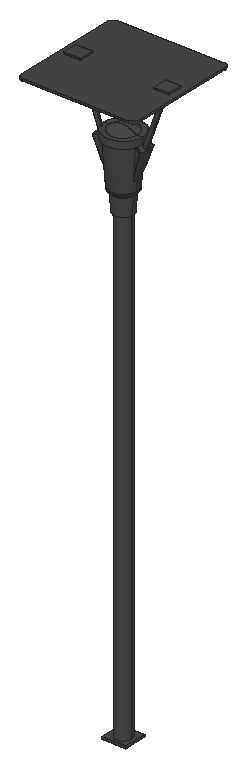
Revit family "SETI-30SQ", category Lighting Fixtures, host Face, Revit 2014
Parameters (values of type "SETI")
  Watts = 55 W
  Wattage Comments = "55W"
  Wattage = 55 W
  Warranty = "5 Year Limited Warranty "  # constant formula
  built-in parameter 1150110 = 1 (stored number, unit not read)
  Voltage = 120 V
  URL = "https://www.hubbell.com/beacon/en"
  Type Comments = "Light Fixture"  # constant formula
  built-in parameter 1114217 = 1 (stored number, unit not read)
  Tilt Angle = -90.00°
  built-in parameter 1150109 = 1 (stored number, unit not read)
  built-in parameter 1150134 = 3
  built-in parameter 1150113 = 1 (stored number, unit not read)
  Product Page URL = "https://www.hubbell.com/beacon/en/Products/Lighting-Controls/Commercial-Outdoor-Lighting/Decorative-Post-Top/SETI/p/249145"
  Product Documentation Link = "https://hubbellcdn.com/specsheet/SETI_LED_spec_sheet.pdf"
  Power Factor = 1
  Photometric Web File = "SETI-24L-55-3K7-30RD.ies"
  Model Type = "Single fixture"
  Model = "SETI"  # constant formula
  Manufacturer = "Beacon"  # constant formula
  built-in parameter 1150105 = 437.68 (stored number, unit not read)
  Lumens = 5500 lm
  built-in parameter 1150115 = 1 (stored number, unit not read)
  Load Classification = Lighting
  Lighting Connector Description = "Lighting Connector"  # constant formula
  built-in parameter 1150137 = (empty or 0)
  built-in parameter 1150139 = (empty or 0)
  Light Distribution = "IES Type II,III,IV"  # constant formula
  built-in parameter 1150112 = 1 (stored number, unit not read)
  built-in parameter 1150114 = 1 (stored number, unit not read)
  Lamp = "LED"
  built-in parameter 1150132 = (empty or 0)
  built-in parameter 1150102 = (empty or 0)
  built-in parameter 1150107 = 3200 (stored number, unit not read)
  built-in parameter 1150138 = (empty or 0)
  built-in parameter 1150106 = 4.3768 (stored number, unit not read)
  IP Rating = "IP55"  # constant formula
  Height [instance] = 120.000"
  Glass = Hubbell-Matte Black
  Finish = Hubbell-Matte Black
  built-in parameter 1150129 = 10.000"
  Emit Shape Visible in Rendering = no
  built-in parameter 1150104 = 9.2903 (stored number, unit not read)
  Dimming Lamp Color Temperature Shift = <None>
  Description = "The energy efficiency of LED lighting becomes an architectural statement with this high performance luminaire. A wide range of top shade options offers the architect a design solution to complement its setting while energy efficiency is achieved to meet the requirements of a LEED certified design. As a NO Glare indirect LED lighting fixture, the SETI is ideal as for walkways, atriums, exterior and interior applications with high pedestrian traffic."  # constant formula
  Default Elevation = 48.000"
  Create Date = "07/30/2019"  # constant formula
  Copyright = "©Beacon a unit of Hubbell Lighting"  # constant formula
  Controls = "dimming, timed dimming with simple delay,\r\nor timed dimming by time of night"  # constant formula
  Contact us = "https://www.hubbell.com/beacon/en/contactUs"
  Color Filter = 16777215
  Certification = " CSA certified to UL 1598, UL 8750, CSA\r\nC22.2 No. 250.0-08, and CSA C22.2 No.\r\n250.13-14."  # constant formula
  CRI = "70"  # constant formula
  built-in parameter 1114218 = 1 (stored number, unit not read)
  Emit from Circle Diameter = 120.000"
  Assembly Code = "D5020280"
  Apparent Load = Watts / Power Factor  # 55 VA
Reference planes (in)
  plane 1 "Center (Front/Back)": y = 0
  plane 2: z = 0
  plane 3 "Center (Left/Right)": x = 0
  plane 4: z = 0.5
  plane 5: y = 3
  plane 6: y = -3
  plane 7: x = -3
  plane 8: x = 3
  plane 9: x = 2
  plane 10: x = -2
  plane 11: y = 2
  plane 12: y = -2
  plane 13: z = 120
Forms (in)
  Extrusion 1, solid, material "Hubbell-Matte Black" <- "Finish"
    sketch origin (0, 0, 0) x (1, 0, 0) y (0, 1, 0)
      loop
        line (-3, 3) -> (-3, -3) -> (3, -3) -> (3, 3) -> (-3, 3)
    from 0 to 0.5
  Extrusion 2, solid, material "Hubbell-Matte Black" <- "Finish"
    sketch origin (0, 0, 0) x (1, 0, 0) y (0, 1, 0)
      loop
        circle (0, 0) r 2
    from 0 to 120
Cuts and joins
  joined: Extrusion 1, Extrusion 2
Dimensions and locks (in)
  locked: host sketch curve to host sketch curve at 48  (x2)
  equal spacing: host sketch curve, plane 3 "Center (Left/Right)", host sketch curve
  equal spacing: host sketch curve, plane 1 "Center (Front/Back)", host sketch curve
  plane 3 "Center (Left/Right)" to host sketch curve = 24.000"
  plane 1 "Center (Front/Back)" to host sketch curve = 24.000"
  locked: plane 4 to plane 2 at 0.5
  equal spacing: plane 7, plane 3 "Center (Left/Right)", plane 8
  locked: plane 7 to plane 8 at 6
  equal spacing: plane 5, plane 1 "Center (Front/Back)", plane 6
  locked: plane 5 to plane 6 at 6
  locked: plane 5 to plane 11 at 1
  equal spacing: plane 11, plane 1 "Center (Front/Back)", plane 12
  plane 11 to plane 12 = 4.000"
  equal spacing: plane 10, plane 3 "Center (Left/Right)", plane 9
  locked: plane 7 to plane 10 at 1
  "Height": plane 13 to plane 2
  plane 13 to plane 4 = 119.500"
  aligned and locked: plane 2 to host face
  aligned and locked: level to host face
  aligned and locked: Extrusion 1 sketch curve to plane 5
  aligned and locked: plane 7 to Extrusion 1 sketch curve
  aligned and locked: plane 6 to Extrusion 1 sketch curve
  aligned and locked: Extrusion 1 sketch curve to plane 8
  aligned and locked: plane 4 to Extrusion 1
  aligned and locked: plane 13 to Extrusion 2
Automatic sketch dimensions
  plane 1 "Center (Front/Back)" to Extrusion 2 sketch curve = 0.000"
  Extrusion 2 sketch curve to plane 3 "Center (Left/Right)" = 0.000"
  radius of Extrusion 2 sketch curve = 2.000"
Nested families (in)
  nested 1: "Side Mounted" at (-0.02624, -0.01275, 120), Finish <- "Finish", Glass <- "Glass", type "Side Mounted"
    with Glass Hubbell-Matte Black, Finish Hubbell-Matte Black
Connectors (in)
  electrical at (0, 0, 0), driven by "Load Classification", driven by "Voltage", driven by "Apparent Load", driven by "Power Factor"
    settings: on cut or joined group of Extrusion 1, Extrusion 2, index 1, voltage 120 V, apparent load 55 VA, apparent load phase1 0 VA, apparent load phase2 0 VA, apparent load phase3 0 VA, power factor 1, load classification "Lighting", number of poles 1, system type 30, power factor state 1, is connector primary yes, connector utility no, sub classification motor no, connector description "Lighting Connector"
Definition of nested family "Side Mounted"
  Parameters (values of type "Side Mounted")
    Width = 40.000"
    URL = ""
    Sensor = Hubbell-White
    Product Page URL = ""
    Product Documentation Link = ""
    Model = ""
    Manufacturer Phone = ""
    Manufacturer Fax = ""
    Manufacturer = ""
    Glass [instance] = Metal-Hubbell-Galvanized_Steel
    Finish [instance] = Metal-Hubbell-Galvanized_Steel
    Fastners = Metal-Hubbell-Black
    Description = ""
    Default Elevation = 48.000"
    Apparent Load = 0 VA
  Reference planes (in)
    plane 1 "Center (Front/Back)": y = 0
    plane 2: z = 0
    plane 3 "Center (Left/Right)": x = 0
    plane 4: y = 4.6
    plane 5: y = -5
    plane 6: x = -20
    plane 7: x = 20
    plane 8: z = 26.4375
    plane 9: z = 39.125
  Forms (in)
    Extrusion 1, solid
      sketch origin (0, 0, 0) x (1, 0, 0) y (0, 1, 0)
        loop
          line (-24, 24) -> (-24, -24) -> (24, -24) -> (24, 24) -> (-24, 24)
      from 0 to -1.5
    Revolve 2, solid, material "Metal-Hubbell-Galvanized_Steel" <- "Finish"
      sketch origin (0, 0, 0) x (1, 0, 0) y (0, 0, 1)
        loop
          line (0, 0) -> (2.5, 0) -> (2.65705, 4.49726)
          arc (2.65705, 4.49726) -> (3.02278, 4.83776) -> (3.37192, 5.19525) r 10.51451
          arc (3.37192, 5.19525) -> (3.5103, 5.41732) -> (3.5551, 5.67511) r 0.68356
          arc (3.5551, 5.67511) -> (3.5505, 5.7783) -> (3.54093, 5.88114) r 2.14503
          line (3.54093, 5.88114) -> (4.29022, 16.59647)
          arc (4.29022, 16.59647) -> (4.3777, 16.77987) -> (4.56676, 16.85435) r 0.27722
          line (4.56676, 16.85435) -> (4.93325, 16.85435) -> (4.93325, 18.60435) -> (3.55825, 18.60435)
          arc (3.55825, 18.60435) -> (1.85661, 19.4209) -> (0, 19.76049) r 7.10314
          line (0, 19.76049) -> (0, 0)
        axis (0, 19.76049) -> (0, 0)
      angle from 0 to 360
    Revolve 3, solid, material "Metal-Hubbell-Galvanized_Steel" <- "Finish"
      sketch origin (0, 0, 0) x (1, 0, 0) y (0, 0, 1)
        loop
          line (5.36896, 15.69168) -> (5.83881, 15.52067) -> (11.03189, 29.78854) -> (10.56204, 29.95955) -> (5.36896, 15.69168)
        axis (5.36896, 15.69168) -> (10.56204, 29.95955)
      angle from 0 to 360
    Revolve 4, solid, material "Metal-Hubbell-Galvanized_Steel" <- "Finish"
      sketch origin (0, 0, 0) x (-1, 0, 0) y (0, 0, 1)
        loop
          line (5.47028, 15.97005) -> (5.94013, 15.79904) -> (10.98944, 29.6719) -> (10.51959, 29.84291) -> (5.47028, 15.97005)
        axis (5.47028, 15.97005) -> (10.51959, 29.84291)
      angle from 0 to 360
    Extrusion 5, solid, material "Metal-Hubbell-Galvanized_Steel" <- "Finish"
      sketch origin (-5, 0, 0) x (1, 0, 0) y (0, 0, 1)
        loop
          line (-8.75, 32.20906) -> (-8.75, 30.95906) -> (-4.4166, 30.95906) -> (-4.4166, 32.20906) -> (-8.75, 32.20906)
        loop
          line (14.32268, 30.95906) -> (18.01305, 30.95906) -> (18.01305, 32.20906) -> (14.32268, 32.20906) -> (14.32268, 30.95906)
      from -1.9493 to 1.8651
    Revolve 6, solid, material "Metal-Hubbell-Galvanized_Steel" <- "Finish"
      sketch origin (-5, 0, 0) x (1, 0, 0) y (0, 0, 1)
        loop
          line (15.33602, 29.33857) -> (15.9841, 29.10269) -> (16.65976, 30.95906) -> (16.01169, 31.19494) -> (15.33602, 29.33857)
        axis (16.01169, 31.19494) -> (15.33602, 29.33857)
      angle from 0 to 360
    Revolve 7, solid, material "Metal-Hubbell-Galvanized_Steel" <- "Finish"
      sketch origin (5, 0, 0) x (-1, 0, 0) y (0, 0, 1)
        loop
          line (15.33602, 29.33857) -> (15.9841, 29.10269) -> (16.65976, 30.95906) -> (16.01169, 31.19494) -> (15.33602, 29.33857)
        axis (16.01169, 31.19494) -> (15.33602, 29.33857)
      angle from 0 to 360
    Revolve 8, solid, material "Metal-Hubbell-Galvanized_Steel" <- "Finish"
      sketch origin (0, 0, 0) x (1, 0, 0) y (0, 0, 1)
        loop
          line (3.7012, 8.5425) -> (6.52286, 16.29497) -> (4.98597, 16.85435)
          arc (4.98597, 16.85435) -> (4.56682, 16.79916) -> (4.37161, 16.42416) r 0.45779
          line (4.37161, 16.42416) -> (3.7012, 8.5425)
        axis (0, 16.85435) -> (0, 8.5425)
      angle from 200 to 160
    Revolve 9, solid, material "Metal-Hubbell-Galvanized_Steel" <- "Finish"
      sketch origin (0, 0, 0) x (-1, 0, 0) y (0, 0, 1)
        loop
          line (3.7012, 8.5425) -> (6.52286, 16.29497) -> (4.98597, 16.85435)
          arc (4.98597, 16.85435) -> (4.56682, 16.79916) -> (4.37161, 16.42416) r 0.45779
          line (4.37161, 16.42416) -> (3.7012, 8.5425)
        axis (0, 16.85435) -> (0, 8.5425)
      angle from 200 to 160
    Sweep 10, void
      path in 3D
        loop
          line (3.55833, -1.29513, 8.77742) -> (6.12948, -2.23095, 16.29497) -> (4.68528, -1.7053, 16.85435)
      profile origin (4.84391, -1.76304, 12.53619) x (-0.883022, 0.321394, 0.34202) y (-0.34202, -0.939693, 0)
        loop
          line (0.24348, 0.04653) -> (-0.08789, 0.04653) -> (-0.08789, -0.16509)
          arc (-0.08789, -0.16509) -> (0.06251, -0.03534) -> (0.24348, 0.04653) r 0.69458
    Sweep 11, void
      path in 3D
        loop
          line (3.55833, 1.29513, 8.77742) -> (6.12948, 2.23095, 16.29497) -> (4.68528, 1.7053, 16.85435)
      profile origin (4.84391, 1.76304, 12.53619) x (0.883022, 0.321394, -0.34202) y (-0.34202, 0.939693, 0)
        loop
          arc (-0.24348, 0.04653) -> (-0.06251, -0.03534) -> (0.08789, -0.16509) r 0.69458
          line (0.08789, -0.16509) -> (0.08789, 0.04653) -> (-0.24348, 0.04653)
    Sweep 12, void
      path in 3D
        loop
          line (-3.55833, -1.29513, 8.77742) -> (-6.12948, -2.23095, 16.29497) -> (-4.68528, -1.7053, 16.85435)
      profile origin (-4.84391, -1.76304, 12.53619) x (-0.883022, -0.321394, -0.34202) y (0.34202, -0.939693, 0)
        loop
          arc (-0.24348, 0.04653) -> (-0.06251, -0.03534) -> (0.08789, -0.16509) r 0.69458
          line (0.08789, -0.16509) -> (0.08789, 0.04653) -> (-0.24348, 0.04653)
    Sweep 13, void
      path in 3D
        loop
          line (-3.55833, 1.29513, 8.77742) -> (-6.12948, 2.23095, 16.29497) -> (-4.68528, 1.7053, 16.85435)
      profile origin (-4.84391, 1.76304, 12.53619) x (0.883022, -0.321394, 0.34202) y (0.34202, 0.939693, 0)
        loop
          line (0.24348, 0.04653) -> (-0.08789, 0.04653) -> (-0.08789, -0.16509)
          arc (-0.08789, -0.16509) -> (0.06251, -0.03534) -> (0.24348, 0.04653) r 0.69458
    Extrusion 14, solid, material "Metal-Hubbell-Galvanized_Steel" <- "Glass"
      sketch origin (0, 0, 0) x (1, 0, 0) y (0, 1, 0)
        loop
          arc (-13.5, 15) -> (-14.56066, 14.56066) -> (-15, 13.5) r 1.5
          line (-15, 13.5) -> (-15, -13.5)
          arc (-15, -13.5) -> (-14.56066, -14.56066) -> (-13.5, -15) r 1.5
          line (-13.5, -15) -> (13.5, -15)
          arc (13.5, -15) -> (14.56066, -14.56066) -> (15, -13.5) r 1.5
          line (15, -13.5) -> (15, 13.5)
          arc (15, 13.5) -> (14.56066, 14.56066) -> (13.5, 15) r 1.5
          line (13.5, 15) -> (-13.5, 15)
      from 31.40674 to 31.92277
  Cuts and joins
    Sweep 10, Sweep 11, Sweep 12, Sweep 13 cuts Revolve 2
    Sweep 10, Sweep 11, Sweep 12, Sweep 13 cuts Revolve 9
    Sweep 12, Sweep 13 cuts Revolve 8
  Lines and regions (in)
    sketch lines
      curve 1: line (3.55833, -1.29513, 8.77742) -> (6.12948, -2.23095, 16.29497)
      curve 2: line (6.12948, -2.23095, 16.29497) -> (4.68528, -1.7053, 16.85435)
      curve 3: line (3.55833, 1.29513, 8.77742) -> (6.12948, 2.23095, 16.29497)
      curve 4: line (6.12948, 2.23095, 16.29497) -> (4.68528, 1.7053, 16.85435)
      curve 5: line (-3.55833, -1.29513, 8.77742) -> (-6.12948, -2.23095, 16.29497)
      curve 6: line (-6.12948, -2.23095, 16.29497) -> (-4.68528, -1.7053, 16.85435)
      curve 7: line (-3.55833, 1.29513, 8.77742) -> (-6.12948, 2.23095, 16.29497)
      curve 8: line (-6.12948, 2.23095, 16.29497) -> (-4.68528, 1.7053, 16.85435)
  Dimensions and locks (in)
    locked: Extrusion 1 sketch curve to Extrusion 1 sketch curve at 48  (x2)
    equal spacing: Extrusion 1 sketch curve, plane 3 "Center (Left/Right)", Extrusion 1 sketch curve
    equal spacing: Extrusion 1 sketch curve, plane 1 "Center (Front/Back)", Extrusion 1 sketch curve
    plane 3 "Center (Left/Right)" to Extrusion 1 sketch curve = 24.000"
    plane 1 "Center (Front/Back)" to Extrusion 1 sketch curve = 24.000"
    locked: plane 4 to plane 1 "Center (Front/Back)" at 4.6
    plane 1 "Center (Front/Back)" to plane 5 = 5.000"
    "Width": plane 7 to plane 6
    plane 9 to plane 2 = 39.125"
    equal spacing: plane 7, plane 3 "Center (Left/Right)", plane 6
    aligned and locked: plane 2 to Extrusion 1
    aligned and locked: level to Extrusion 1
  Automatic sketch dimensions
    Revolve 2 sketch curve to plane 3 "Center (Left/Right)" = 0.000"  (x2)
    Revolve 2 sketch curve to level = 0.000"
    Revolve 2 sketch curve to plane 3 "Center (Left/Right)" = 0.33838"
    Revolve 2 sketch curve to Revolve 2 sketch curve = 3.98437"
    plane 3 "Center (Left/Right)" to Revolve 2 sketch curve = 1.41052"
    plane 3 "Center (Left/Right)" to Revolve 2 sketch curve = 2.500"
    Revolve 2 sketch curve to Revolve 2 sketch curve = 1.24653"
    Revolve 2 sketch curve to Revolve 2 sketch curve = 0.21464"
    Revolve 2 sketch curve to Revolve 2 sketch curve = 0.66924"
    plane 3 "Center (Left/Right)" to Revolve 2 sketch curve = 3.55825"
    Revolve 2 sketch curve to Revolve 2 sketch curve = 0.73197"
    Revolve 2 sketch curve to Revolve 2 sketch curve = 0.27654"
    Revolve 2 sketch curve to Revolve 2 sketch curve = 1.375"
    level to Revolve 2 sketch curve = 4.49726"
    Revolve 2 sketch curve to Revolve 2 sketch curve = 1.13388"
    Revolve 2 sketch curve to Revolve 2 sketch curve = 1.16384"
    Revolve 2 sketch curve to Revolve 2 sketch curve = 0.22004"
    Revolve 2 sketch curve to Revolve 2 sketch curve = 6.7298"
    Revolve 2 sketch curve to Revolve 2 sketch curve = 0.30448"
    Revolve 2 sketch curve to Revolve 2 sketch curve = 3.91172"
    Revolve 2 sketch curve to Revolve 2 sketch curve = 0.01934"
    Revolve 2 sketch curve to Revolve 2 sketch curve = 1.750"
    Revolve 2 sketch curve to Revolve 2 sketch curve = 0.000"
    Revolve 2 sketch curve to level = 9.5625"
    plane 8 to Revolve 2 sketch curve = 2.000"
    plane 3 "Center (Left/Right)" to Revolve 3 sketch curve = 5.36896"
    Revolve 3 sketch curve to Revolve 3 sketch curve = 0.46985"
    Revolve 3 sketch curve to plane 7 = 9.43796"
    Revolve 3 sketch curve to plane 8 = 10.91683"
    Revolve 3 sketch curve to Revolve 3 sketch curve = 0.17101"
    Revolve 3 sketch curve to Revolve 3 sketch curve = 0.34979"
    Revolve 3 sketch curve to Revolve 3 sketch curve = 4.85948"
    Revolve 3 sketch curve to Revolve 3 sketch curve = 0.96104"
    Revolve 3 sketch curve to Revolve 3 sketch curve = 13.35132"
    plane 3 "Center (Left/Right)" to Revolve 4 sketch curve = 5.47028"
    Revolve 4 sketch curve to Revolve 4 sketch curve = 0.46985"
    Revolve 4 sketch curve to plane 6 = 9.48041"
    plane 8 to Revolve 4 sketch curve = 10.63846"
    Revolve 4 sketch curve to Revolve 4 sketch curve = 0.17101"
    Revolve 4 sketch curve to Revolve 4 sketch curve = 0.24847"
    Revolve 4 sketch curve to Revolve 4 sketch curve = 4.90194"
    Revolve 4 sketch curve to Revolve 4 sketch curve = 0.68267"
    Revolve 4 sketch curve to Revolve 4 sketch curve = 13.46796"
    plane 6 to Extrusion 5 sketch curve = 6.250"
    Extrusion 5 sketch curve to Extrusion 5 sketch curve = 4.3334"
    Extrusion 5 sketch curve to plane 7 = 10.67732"
    Extrusion 5 sketch curve to plane 7 = 6.98695"
    plane 8 to Extrusion 5 sketch curve = 4.52156"  (x2)
    Extrusion 5 sketch curve to Extrusion 5 sketch curve = 1.250"  (x2)
    Revolve 6 sketch curve to plane 7 = 9.66398"
    Revolve 6 sketch curve to Revolve 6 sketch curve = 0.64807"
    Revolve 6 sketch curve to Revolve 6 sketch curve = 0.67567"
    plane 8 to Revolve 6 sketch curve = 2.66519"
    Revolve 6 sketch curve to Revolve 6 sketch curve = 0.23588"
    plane 8 to Revolve 6 sketch curve = 2.2874"
    Revolve 6 sketch curve to Revolve 6 sketch curve = 0.22336"
    Revolve 6 sketch curve to Revolve 6 sketch curve = 0.04397"
    Revolve 6 sketch curve to Revolve 6 sketch curve = 0.12082"
    Revolve 7 sketch curve to plane 6 = 9.66398"
    Revolve 7 sketch curve to Revolve 7 sketch curve = 0.64807"
    Revolve 7 sketch curve to Revolve 7 sketch curve = 0.67567"
    Revolve 7 sketch curve to plane 8 = 2.66519"
    Revolve 7 sketch curve to Revolve 7 sketch curve = 0.23588"
    Revolve 7 sketch curve to plane 8 = 2.2874"
    Revolve 7 sketch curve to Revolve 7 sketch curve = 0.22336"
    Revolve 7 sketch curve to Revolve 7 sketch curve = 0.04397"
    Revolve 7 sketch curve to Revolve 7 sketch curve = 0.12082"
    Revolve 8 sketch curve to plane 3 "Center (Left/Right)" = 0.000"
    plane 3 "Center (Left/Right)" to Revolve 8 sketch curve = 3.7012"
    plane 3 "Center (Left/Right)" to Revolve 8 sketch curve = 4.37161"
    Revolve 8 sketch curve to Revolve 8 sketch curve = 0.45779"
    Revolve 8 sketch curve to Revolve 8 sketch curve = 0.15657"
    Revolve 8 sketch curve to Revolve 8 sketch curve = 1.53689"
    level to Revolve 8 sketch curve = 8.5425"
    Revolve 8 sketch curve to Revolve 8 sketch curve = 7.75246"
    Revolve 8 sketch curve to level = 5.5625"
    Revolve 8 sketch curve to plane 8 = 2.000"
    Revolve 9 sketch curve to plane 3 "Center (Left/Right)" = 0.000"
    plane 3 "Center (Left/Right)" to Revolve 9 sketch curve = 3.7012"
    plane 3 "Center (Left/Right)" to Revolve 9 sketch curve = 4.37161"
    Revolve 9 sketch curve to Revolve 9 sketch curve = 0.45779"
    Revolve 9 sketch curve to Revolve 9 sketch curve = 0.15657"
    Revolve 9 sketch curve to Revolve 9 sketch curve = 1.53689"
    Revolve 9 sketch curve to level = 8.5425"
    Revolve 9 sketch curve to Revolve 9 sketch curve = 7.75246"
    level to Revolve 9 sketch curve = 5.5625"
    plane 8 to Revolve 9 sketch curve = 2.000"
    profile plane to Sweep 10 sketch curve = 0.08789"
    Sweep 10 sketch curve to profile plane = 0.43635"
    Sweep 10 sketch curve to profile plane = 0.62074"
    profile plane to Sweep 10 sketch curve = 0.04653"
    Sweep 10 sketch curve to profile plane = 0.24348"
    profile plane to Sweep 11 sketch curve = 0.43635"
    profile plane to Sweep 11 sketch curve = 0.04653"
    profile plane to Sweep 11 sketch curve = 0.24348"
    Sweep 11 sketch curve to profile plane = 0.08789"
    Sweep 11 sketch curve to profile plane = 0.16509"
    profile plane to Sweep 12 sketch curve = 0.43635"
    profile plane to Sweep 12 sketch curve = 0.04653"
    profile plane to Sweep 12 sketch curve = 0.24348"
    Sweep 12 sketch curve to profile plane = 0.08789"
    Sweep 12 sketch curve to profile plane = 0.16509"
    profile plane to Sweep 13 sketch curve = 0.04653"
    profile plane to Sweep 13 sketch curve = 0.08789"
    Sweep 13 sketch curve to profile plane = 0.24348"
    Sweep 13 sketch curve to profile plane = 0.43635"
    Sweep 13 sketch curve to profile plane = 0.16509"
    plane 6 to Extrusion 14 sketch curve = 5.000"
    Extrusion 14 sketch curve to Extrusion 14 sketch curve = 1.500"  (x3)
    Extrusion 14 sketch curve to plane 7 = 6.500"  (x2)
    Extrusion 14 sketch curve to plane 5 = 10.000"
    Extrusion 14 sketch curve to plane 4 = 8.900"
